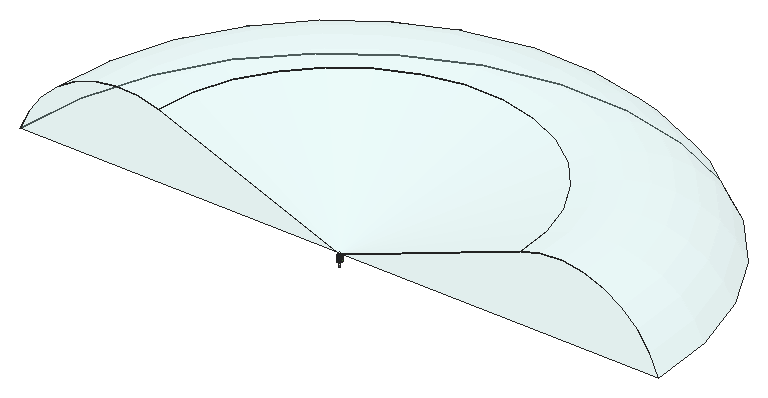
Revit family "HE-VAN Series Nozzles", category Conexões de tubo, Revit 2020
Family settings
  Cota do conector redondo = Utilizar diâmetro
  Tipo de parte = Cobertura
  Número OmniClass = 23.60.30.11.14
  Título OmniClass = Pipework Fittings
  Com base no plano de trabalho = Sim
  Sempre na vertical = Sim
  Corte com vazios quando carregada = Não
  Compartilhado = Não
Parameters (values of type "8 Series HE-VAN")
  Water Visibility (Circle) = yes
  Water = Water
  URL = "https://www.rainbird.com/"
  Type = 1 ft
  SupportProjetos: Reviw Date = "26/03/2021"  # constant formula
  SupportProjetos: Level of Detail = "LOD 300"  # constant formula
  SupportProjetos: Developed = "MICHEL SOARES MOTA"  # constant formula
  SupportProjetos: Creation Date = "16/07/2020"  # constant formula
  Reviw = "R01"  # constant formula
  RainBird: Product Link = "https://store.rainbird.com/sprinklers/nozzles.html?sprays_nozzleseries=102"
  RainBird: Description [instance] = if(Type = 1 ft, "Spray Nozzles 8 Series HE VAN", if(Type = 2 ft, "Spray Nozzles 10 Series HE VAN", if(Type = 3 ft, " Spray Nozzles 12 Series HE VAN ", if(Type = 4 ft, " Spray Nozzles  15 Series HE VAN ", "Does not exis"))))  # "Spray Nozzles 8 Series HE VAN"
  RainBird: Comment [instance] = ""
  Radius [instance] = if(and(Limit Angle = 270.00°, Pressure = 15.0 psi, Type = 2 ft), 7 ft, if(and(Limit Angle = 270.00°, Pressure = 20.0 psi, Type = 2 ft), 8 ft, if(and(Limit Angle = 270.00°, Pressure = 25.0 psi, Type = 2 ft), 9 ft, if(and(Limit Angle = 270.00°, Pressure = 30.0 psi, Type = 2 ft), 10 ft, if(and(Limit Angle = 360.00°, Pressure = 15.0 psi, Type = 2 ft), 7 ft, if(and(Limit Angle = 360.00°, Pressure = 20.0 psi, Type = 2 ft), 8 ft, if(and(Limit Angle = 360.00°, Pressure = 25.0 psi, Type = 2 ft), 9 ft, if(and(Limit Angle = 360.00°, Pressure = 30.0 psi, Type = 2 ft), 10 ft, if(and(Limit Angle = 180.00°, Pressure = 15.0 psi, Type = 2 ft), 7 ft, if(and(Limit Angle = 180.00°, Pressure = 20.0 psi, Type = 2 ft), 8 ft, if(and(Limit Angle = 180.00°, Pressure = 25.0 psi, Type = 2 ft), 9 ft, if(and(Limit Angle = 180.00°, Pressure = 30.0 psi, Type = 2 ft), 10 ft, if(and(Limit Angle = 90.00°, Pressure = 15.0 psi, Type = 2 ft), 7 ft, if(and(Limit Angle = 90.00°, Pressure = 20.0 psi, Type = 2 ft), 8 ft, if(and(Limit Angle = 90.00°, Pressure = 25.0 psi, Type = 2 ft), 9 ft, if(and(Limit Angle = 90.00°, Pressure = 30.0 psi, Type = 2 ft), 10 ft, if(and(Limit Angle = 270.00°, Pressure = 15.0 psi, Type = 1 ft), 5 ft, if(and(Limit Angle = 270.00°, Pressure = 20.0 psi, Type = 1 ft), 6 ft, if(and(Limit Angle = 270.00°, Pressure = 25.0 psi, Type = 1 ft), 7 ft, if(and(Limit Angle = 270.00°, Pressure = 30.0 psi, Type = 1 ft), 8 ft, if(and(Limit Angle = 360.00°, Pressure = 15.0 psi, Type = 1 ft), 5 ft, if(and(Limit Angle = 360.00°, Pressure = 20.0 psi, Type = 1 ft), 6 ft, if(and(Limit Angle = 360.00°, Pressure = 25.0 psi, Type = 1 ft), 7 ft, if(and(Limit Angle = 360.00°, Pressure = 30.0 psi, Type = 1 ft), 8 ft, if(and(Limit Angle = 180.00°, Pressure = 15.0 psi, Type = 1 ft), 5 ft, if(and(Limit Angle = 180.00°, Pressure = 20.0 psi, Type = 1 ft), 6 ft, if(and(Limit Angle = 180.00°, Pressure = 25.0 psi, Type = 1 ft), 7 ft, if(and(Limit Angle = 180.00°, Pressure = 30.0 psi, Type = 1 ft), 8 ft, if(and(Limit Angle = 90.00°, Pressure = 15.0 psi, Type = 1 ft), 5 ft, if(and(Limit Angle = 90.00°, Pressure = 20.0 psi, Type = 1 ft), 6 ft, if(and(Limit Angle = 90.00°, Pressure = 25.0 psi, Type = 1 ft), 7 ft, if(and(Limit Angle = 90.00°, Pressure = 30.0 psi, Type = 1 ft), 8 ft, if(and(Limit Angle = 270.00°, Pressure = 15.0 psi, Type = 3 ft), 9 ft, if(and(Limit Angle = 270.00°, Pressure = 20.0 psi, Type = 3 ft), 10 ft, if(and(Limit Angle = 270.00°, Pressure = 25.0 psi, Type = 3 ft), 11 ft, if(and(Limit Angle = 270.00°, Pressure = 30.0 psi, Type = 3 ft), 12 ft, if(and(Limit Angle = 360.00°, Pressure = 15.0 psi, Type = 3 ft), 9 ft, if(and(Limit Angle = 360.00°, Pressure = 20.0 psi, Type = 3 ft), 10 ft, if(and(Limit Angle = 360.00°, Pressure = 25.0 psi, Type = 3 ft), 11 ft, if(and(Limit Angle = 360.00°, Pressure = 30.0 psi, Type = 3 ft), 12 ft, if(and(Limit Angle = 180.00°, Pressure = 15.0 psi, Type = 3 ft), 9 ft, if(and(Limit Angle = 180.00°, Pressure = 20.0 psi, Type = 3 ft), 10 ft, if(and(Limit Angle = 180.00°, Pressure = 25.0 psi, Type = 3 ft), 11 ft, if(and(Limit Angle = 180.00°, Pressure = 30.0 psi, Type = 3 ft), 12 ft, if(and(Limit Angle = 90.00°, Pressure = 15.0 psi, Type = 3 ft), 9 ft, if(and(Limit Angle = 90.00°, Pressure = 20.0 psi, Type = 3 ft), 10 ft, if(and(Limit Angle = 90.00°, Pressure = 25.0 psi, Type = 3 ft), 11 ft, if(and(Limit Angle = 90.00°, Pressure = 30.0 psi, Type = 3 ft), 12 ft, if(and(Limit Angle = 270.00°, Pressure = 15.0 psi, Type = 4 ft), 11 ft, if(and(Limit Angle = 270.00°, Pressure = 20.0 psi, Type = 4 ft), 12 ft, if(and(Limit Angle = 270.00°, Pressure = 25.0 psi, Type = 4 ft), 14 ft, if(and(Limit Angle = 270.00°, Pressure = 30.0 psi, Type = 4 ft), 15 ft, if(and(Limit Angle = 360.00°, Pressure = 15.0 psi, Type = 4 ft), 11 ft, if(and(Limit Angle = 360.00°, Pressure = 20.0 psi, Type = 4 ft), 12 ft, if(and(Limit Angle = 360.00°, Pressure = 25.0 psi, Type = 4 ft), 14 ft, if(and(Limit Angle = 360.00°, Pressure = 30.0 psi, Type = 4 ft), 15 ft, if(and(Limit Angle = 180.00°, Pressure = 15.0 psi, Type = 4 ft), 11 ft, if(and(Limit Angle = 180.00°, Pressure = 20.0 psi, Type = 4 ft), 12 ft, if(and(Limit Angle = 180.00°, Pressure = 25.0 psi, Type = 4 ft), 14 ft, if(and(Limit Angle = 180.00°, Pressure = 30.0 psi, Type = 4 ft), 15 ft, if(and(Limit Angle = 90.00°, Pressure = 15.0 psi, Type = 4 ft), 11 ft, if(and(Limit Angle = 90.00°, Pressure = 20.0 psi, Type = 4 ft), 12 ft, if(and(Limit Angle = 90.00°, Pressure = 25.0 psi, Type = 4 ft), 14 ft, if(and(Limit Angle = 90.00°, Pressure = 30.0 psi, Type = 4 ft), 15 ft, 200 ft))))))))))))))))))))))))))))))))))))))))))))))))))))))))))))))))  # 5 ft
  R2 [instance] = 0.032808 ft
  R1 [instance] = 0.026247 ft
  Pressure [instance] = 15 psi
  Plastic 2 = Green
  Plastic 1 = Black
  PCS - 090 [instance] = no
  PCS - 060 [instance] = no
  PCS - 040 [instance] = no
  PCS - 030 [instance] = no
  PCS - 025 [instance] = no
  PCS - 020 [instance] = yes
  Modelo = "8 HE-VAN"
  Metal = PARAFUSO
  H2 = 1.312 ft  # constant formula
  H1 [instance] = 0.049213 ft
  Flow [instance] = if(and(Limit Angle = 360.00°, Pressure = 15.0 psi, Type = 1 ft), 0.83 GPM, if(and(Limit Angle = 360.00°, Pressure = 20.0 psi, Type = 1 ft), 0.96 GPM, if(and(Limit Angle = 360.00°, Pressure = 25.0 psi, Type = 1 ft), 1.07 GPM, if(and(Limit Angle = 360.00°, Pressure = 30.0 psi, Type = 1 ft), 1.17 GPM, if(and(Limit Angle = 270.00°, Pressure = 15.0 psi, Type = 1 ft), 0.62 GPM, if(and(Limit Angle = 270.00°, Pressure = 20.0 psi, Type = 1 ft), 0.72 GPM, if(and(Limit Angle = 270.00°, Pressure = 25.0 psi, Type = 1 ft), 0.8 GPM, if(and(Limit Angle = 270.00°, Pressure = 30.0 psi, Type = 1 ft), 0.88 GPM, if(and(Limit Angle = 180.00°, Pressure = 15.0 psi, Type = 1 ft), 0.41 GPM, if(and(Limit Angle = 180.00°, Pressure = 20.0 psi, Type = 1 ft), 0.48 GPM, if(and(Limit Angle = 180.00°, Pressure = 25.0 psi, Type = 1 ft), 0.53 GPM, if(and(Limit Angle = 180.00°, Pressure = 30.0 psi, Type = 1 ft), 0.59 GPM, if(and(Limit Angle = 90.00°, Pressure = 15.0 psi, Type = 1 ft), 0.21 GPM, if(and(Limit Angle = 90.00°, Pressure = 20.0 psi, Type = 1 ft), 0.24 GPM, if(and(Limit Angle = 90.00°, Pressure = 25.0 psi, Type = 1 ft), 0.27 GPM, if(and(Limit Angle = 90.00°, Pressure = 30.0 psi, Type = 1 ft), 0.29 GPM, if(and(Limit Angle = 360.00°, Pressure = 15.0 psi, Type = 2 ft), 1.26 GPM, if(and(Limit Angle = 360.00°, Pressure = 20.0 psi, Type = 2 ft), 1.46 GPM, if(and(Limit Angle = 360.00°, Pressure = 25.0 psi, Type = 2 ft), 1.63 GPM, if(and(Limit Angle = 360.00°, Pressure = 30.0 psi, Type = 2 ft), 1.78 GPM, if(and(Limit Angle = 270.00°, Pressure = 15.0 psi, Type = 2 ft), 0.95 GPM, if(and(Limit Angle = 270.00°, Pressure = 20.0 psi, Type = 2 ft), 1.09 GPM, if(and(Limit Angle = 270.00°, Pressure = 25.0 psi, Type = 2 ft), 1.22 GPM, if(and(Limit Angle = 270.00°, Pressure = 30.0 psi, Type = 2 ft), 1.34 GPM, if(and(Limit Angle = 180.00°, Pressure = 15.0 psi, Type = 2 ft), 0.63 GPM, if(and(Limit Angle = 180.00°, Pressure = 20.0 psi, Type = 2 ft), 0.73 GPM, if(and(Limit Angle = 180.00°, Pressure = 25.0 psi, Type = 2 ft), 0.81 GPM, if(and(Limit Angle = 180.00°, Pressure = 30.0 psi, Type = 2 ft), 0.89 GPM, if(and(Limit Angle = 90.00°, Pressure = 15.0 psi, Type = 2 ft), 0.32 GPM, if(and(Limit Angle = 90.00°, Pressure = 20.0 psi, Type = 2 ft), 0.36 GPM, if(and(Limit Angle = 90.00°, Pressure = 25.0 psi, Type = 2 ft), 0.41 GPM, if(and(Limit Angle = 90.00°, Pressure = 30.0 psi, Type = 2 ft), 0.45 GPM, if(and(Limit Angle = 360.00°, Pressure = 15.0 psi, Type = 3 ft), 1.67 GPM, if(and(Limit Angle = 360.00°, Pressure = 20.0 psi, Type = 3 ft), 1.93 GPM, if(and(Limit Angle = 360.00°, Pressure = 25.0 psi, Type = 3 ft), 2.16 GPM, if(and(Limit Angle = 360.00°, Pressure = 30.0 psi, Type = 3 ft), 2.37 GPM, if(and(Limit Angle = 270.00°, Pressure = 15.0 psi, Type = 3 ft), 1.25 GPM, if(and(Limit Angle = 270.00°, Pressure = 20.0 psi, Type = 3 ft), 1.45 GPM, if(and(Limit Angle = 270.00°, Pressure = 25.0 psi, Type = 3 ft), 1.62 GPM, if(and(Limit Angle = 270.00°, Pressure = 30.0 psi, Type = 3 ft), 1.77 GPM, if(and(Limit Angle = 180.00°, Pressure = 15.0 psi, Type = 3 ft), 0.84 GPM, if(and(Limit Angle = 180.00°, Pressure = 20.0 psi, Type = 3 ft), 0.97 GPM, if(and(Limit Angle = 180.00°, Pressure = 25.0 psi, Type = 3 ft), 1.08 GPM, if(and(Limit Angle = 180.00°, Pressure = 30.0 psi, Type = 3 ft), 1.18 GPM, if(and(Limit Angle = 90.00°, Pressure = 15.0 psi, Type = 3 ft), 0.42 GPM, if(and(Limit Angle = 90.00°, Pressure = 20.0 psi, Type = 3 ft), 0.48 GPM, if(and(Limit Angle = 90.00°, Pressure = 25.0 psi, Type = 3 ft), 0.54 GPM, if(and(Limit Angle = 90.00°, Pressure = 30.0 psi, Type = 3 ft), 0.59 GPM, if(and(Limit Angle = 360.00°, Pressure = 15.0 psi, Type = 3 ft), 2.62 GPM, if(and(Limit Angle = 360.00°, Pressure = 20.0 psi, Type = 3 ft), 3.02 GPM, if(and(Limit Angle = 360.00°, Pressure = 25.0 psi, Type = 3 ft), 3.38 GPM, if(and(Limit Angle = 360.00°, Pressure = 30.0 psi, Type = 3 ft), 3.7 GPM, if(and(Limit Angle = 270.00°, Pressure = 15.0 psi, Type = 4 ft), 1.96 GPM, if(and(Limit Angle = 270.00°, Pressure = 20.0 psi, Type = 4 ft), 2.27 GPM, if(and(Limit Angle = 270.00°, Pressure = 25.0 psi, Type = 4 ft), 2.53 GPM, if(and(Limit Angle = 270.00°, Pressure = 30.0 psi, Type = 4 ft), 2.78 GPM, if(and(Limit Angle = 180.00°, Pressure = 15.0 psi, Type = 4 ft), 1.31 GPM, if(and(Limit Angle = 180.00°, Pressure = 20.0 psi, Type = 4 ft), 1.51 GPM, if(and(Limit Angle = 180.00°, Pressure = 25.0 psi, Type = 4 ft), 1.69 GPM, if(and(Limit Angle = 180.00°, Pressure = 30.0 psi, Type = 4 ft), 1.85 GPM, if(and(Limit Angle = 90.00°, Pressure = 15.0 psi, Type = 4 ft), 0.65 GPM, if(and(Limit Angle = 90.00°, Pressure = 20.0 psi, Type = 4 ft), 0.76 GPM, if(and(Limit Angle = 90.00°, Pressure = 25.0 psi, Type = 4 ft), 0.84 GPM, if(and(Limit Angle = 90.00°, Pressure = 30.0 psi, Type = 4 ft), 0.93 GPM, 0.0 GPM))))))))))))))))))))))))))))))))))))))))))))))))))))))))))))))))  # 0.41 GPM
  Default Elevation = 4 ft
  Descrição = "Spray Nozzles Series HE-VAN"  # constant formula
  DT8 [instance] = if(Limit Angle < 360.00°, 0.098425 ft, 6.56168 ft)  # 0.098425 ft
  DT7 [instance] = 4 * Radius  # 20 ft
  DT4 [instance] = 5 * Radius  # 25 ft
  DT3 [instance] = 0.3397 * Radius  # 1.6985 ft
  DT2 = 0.098425 ft  # constant formula
  DT13 = 0.049769 ft
  DT12 = 0.070216 ft
  DT1 = 0.032808 ft
  DT6 = 0 ft
  DT5 [instance] = 0.6 * Radius  # 3 ft
  Blue Plastic = Transparent Plastic
  Limit Angle [instance] = if(and(Arc Angle > 0.00°, Arc Angle < 90.00°), 90.00°, if(Arc Angle = 90.00°, 90.00°, if(and(Arc Angle > 90.00°, Arc Angle < 180.00°), 180.00°, if(Arc Angle = 180.00°, 180.00°, if(and(Arc Angle > 180.00°, Arc Angle < 270.00°), 270.00°, if(Arc Angle = 270.00°, 270.00°, if(and(Arc Angle > 270.00°, Arc Angle < 360.00°), 360.00°, if(Arc Angle = 360.00°, 360.00°, 0.00°))))))))  # 180.00°
  Arc Angle [instance] = 180.00°
  Angle 2 [instance] = if(Limit Angle < 360.00°, 360.00° - Limit Angle, 180.00°)  # 180.00°
  Angle = 20.00°
Types (4, lengths in ft): name | Type | RainBird: Description | Radius | Plastic 2 | Modelo | Flow | DT7 | DT4 | DT3 | DT5 | Blue Plastic
  8 Series HE-VAN | 1 | "Spray Nozzles 8 Series HE VAN" | 5 | Green | "8 HE-VAN" | 0.41 GPM | 20 | 25 | 1.6985 | 3 | Transparent Plastic
  10 Series HE-VAN | 2 | "Spray Nozzles 10 Series HE VAN" | 7 | Brown | "10 HE-VAN" | 0.63 GPM | 28 | 35 | 2.3779 | 4.2 | Blue Plastic
  12 Series HE-VAN | 3 | " Spray Nozzles 12 Series HE VAN " | 9 | Blue Plastic | "12 HE-VAN" | 0.84 GPM | 36 | 45 | 3.0573 | 5.4 | Transparent Plastic
  15 Series HE-VAN | 4 | " Spray Nozzles  15 Series HE VAN " | 11 | Black Plastic | "15 HE-VAN" | 1.31 GPM | 44 | 55 | 3.7367 | 6.6 | Transparent Plastic
Reference planes (ft)
  plane 1 "Centro (Frente/Trás)": y = 0
  plane 2: z = 0
  plane 3 "Centro (Esquerda/Direita)": x = 0
Forms (ft)
  Revolve 1, solid, material "Water" <- "Water", visible <- "Water Visibility (Circle)"
    sketch origin (0, 0, 0) x (1, 0, 0) y (0, 0, 1)
      loop
        line (0.032808, 0.098425) -> (5.032808, 0.098425)
        arc (5.032808, 0.098425) -> (4.155878, 1.065322) -> (2.851886, 1.124486) r 1.698503
        line (2.851886, 1.124486) -> (0.032808, 0.098425)
      axis (0, 0.098425) -> (0, 1.124486)
    angle from 0 to 180 <- "Arc Angle"
Dimensions and locks (ft)
  "DT1": Revolve 1 sketch curve to plane 3 "Centro (Esquerda/Direita)"
  "DT2": Revolve 1 sketch curve to level
  "Radius": Revolve 1 sketch curve to Revolve 1 sketch curve
  "DT5": Revolve 1 sketch curve to Revolve 1 sketch curve
  "Angle": angle Revolve 1 sketch curve to Revolve 1 sketch curve
  aligned and locked: level to plane 2
Automatic sketch dimensions
  Revolve 1 sketch curve to plane 3 "Centro (Esquerda/Direita)" = 0 ft
  Revolve 1 sketch curve to Revolve 1 sketch curve = 0.052946 ft
  Revolve 1 sketch curve to Revolve 1 sketch curve = 10.2693 ft
Nested families (ft)
  nested 1: "R VAN PCS Screen" at (0, 0, 0), Material <- "Blue Plastic", PCS.020 <- "PCS - 020", PCS.025 <- "PCS - 025", PCS.030 <- "PCS - 030", PCS.040 <- "PCS - 040", PCS.060 <- "PCS - 060", PCS.090 <- "PCS - 090", type "R VAN PCS Screen"
    with RainBird: Description "PCS - 020", PCS.090 no, PCS.060 no, PCS.040 no, PCS.030 no, PCS.025 no, PCS.020 yes, Material Transparent Plastic
  nested 2: "BOCAL RE-VAN" at (0, 0, 0), Material 1 <- "Plastic 1", Material 2 <- "Plastic 2", Matreral 3 <- "Metal", type "BOCAL RE-VAN"
    with Matreral 3 PARAFUSO, Material 2 Green, Material 1 Black
Connectors (ft)
  piping at (0, 0, 0), diameter 2
    settings: on nested 1, index 1, connector inside diameter 609.6 mm, connector length 0 ft, flow factor 0, pipe flow 0.0 GPM, pressure drop 0 psi, fitting loss kfactor 0, connector angle 0.00°, fixture units 0, engagement length 0 ft, angle of deflection 0.00°, flow configuration 0, flow direction 0, fitting loss method 0, system type 28, joint type 0, gender type 0, connector reference index -1, connector utility 0, adjustable connector no, is connector primary yes, connector description ""
Definition of nested family "R VAN PCS Screen"
  Parameters (values of type "R VAN PCS Screen")
    RainBird: Description [instance] = if(PCS.020, "PCS - 020", if(PCS.025, "PCS - 025", if(PCS.030, "PCS - 030", if(PCS.040, "PCS - 040", if(PCS.060, "PCS - 060", if(PCS.090, "PCS - 090", "Does not exist"))))))  # "PCS - 020"
    PCS.090 [instance] = no
    PCS.060 [instance] = no
    PCS.040 [instance] = no
    PCS.030 [instance] = no
    PCS.020 [instance] = yes
    PCS.025 [instance] = no
    Material [instance] = none
    Default Elevation = 0 ft
  Reference planes (ft)
    plane 1 "Centro (Frente/Trás)": y = 0
    plane 2: z = 0
    plane 3 "Centro (Esquerda/Direita)": x = 0
  Forms (ft)
    Revolve 1, solid, material <- "Material"
      sketch origin (0, 0, 0) x (1, 0, 0) y (0, 0, 1)
        loop
          line (0, -0.088229) -> (0.016404, -0.088229) -> (0.016404, -0.03138) -> (0.022015, -0.015965) -> (0.022015, -0.006562) -> (0.026522, -0.006562) -> (0.026522, 0) -> (0.015453, 0) -> (0.015453, -0.014808) -> (0.009843, -0.030223) -> (0.009843, -0.081723) -> (0, -0.081723) -> (0, -0.088229)
        axis (0, -0.088229) -> (0, 0)
      angle from 0 to 360
  Dimensions and locks (ft)
    level to Revolve 1 sketch curve = 0.088229 ft
    aligned and locked: level to plane 2
Definition of nested family "BOCAL RE-VAN"
  Parameters (values of type "BOCAL RE-VAN")
    Matreral 3 [instance] = none
    Material 2 [instance] = none
    Material 1 [instance] = none
    Default Elevation = 0 ft
  Reference planes (ft)
    plane 1 "Centro (Frente/Trás)": y = 0
    plane 2: z = 0
    plane 3 "Centro (Esquerda/Direita)": x = 0
  Forms (ft)
    Extrusion 1, solid, material <- "Material 2"
      sketch origin (0, 0, 0) x (1, 0, 0) y (0, 1, 0)
        loop
          line (-0.026295, -0.028321) -> (-0.028239, -0.030638)
          arc (-0.028239, -0.030638) -> (-0.026783, -0.031919) -> (-0.025268, -0.03313) r 0.041667
          line (-0.025268, -0.03313) -> (-0.023324, -0.030813)
          arc (-0.023324, -0.030813) -> (-0.024841, -0.029604) -> (-0.026295, -0.028321) r 0.038645
        loop
          arc (-0.041622, 0.001939) -> (-0.041667, 0) -> (-0.041622, -0.001939) r 0.041667
          line (-0.041622, -0.001939) -> (-0.038597, -0.001939)
          arc (-0.038597, -0.001939) -> (-0.038645, 0) -> (-0.038597, 0.001939) r 0.038645
          line (-0.038597, 0.001939) -> (-0.041622, 0.001939)
        loop
          arc (0.038597, 0.001939) -> (0.038645, 0) -> (0.038597, -0.001939) r 0.038645
          line (0.038597, -0.001939) -> (0.041622, -0.001939)
          arc (0.041622, -0.001939) -> (0.041667, 0) -> (0.041622, 0.001939) r 0.041667
          line (0.041622, 0.001939) -> (0.038597, 0.001939)
        loop
          line (-0.038347, -0.004793) -> (-0.041326, -0.005318)
          arc (-0.041326, -0.005318) -> (-0.041034, -0.007235) -> (-0.040653, -0.009137) r 0.041667
          line (-0.040653, -0.009137) -> (-0.037674, -0.008612)
          arc (-0.037674, -0.008612) -> (-0.038058, -0.006711) -> (-0.038347, -0.004793) r 0.038645
        loop
          arc (0.037674, 0.008612) -> (0.038058, 0.006711) -> (0.038347, 0.004793) r 0.038645
          line (0.038347, 0.004793) -> (0.041326, 0.005318)
          arc (0.041326, 0.005318) -> (0.041034, 0.007235) -> (0.040653, 0.009137) r 0.041667
          line (0.040653, 0.009137) -> (0.037674, 0.008612)
        loop
          line (-0.036932, -0.011379) -> (-0.039775, -0.012413)
          arc (-0.039775, -0.012413) -> (-0.039154, -0.014251) -> (-0.038448, -0.016057) r 0.041667
          line (-0.038448, -0.016057) -> (-0.035606, -0.015023)
          arc (-0.035606, -0.015023) -> (-0.036315, -0.013218) -> (-0.036932, -0.011379) r 0.038645
        loop
          arc (0.035606, 0.015023) -> (0.036315, 0.013218) -> (0.036932, 0.011379) r 0.038645
          line (0.036932, 0.011379) -> (0.039775, 0.012413)
          arc (0.039775, 0.012413) -> (0.039154, 0.014251) -> (0.038448, 0.016057) r 0.041667
          line (0.038448, 0.016057) -> (0.035606, 0.015023)
        loop
          line (-0.034395, -0.017619) -> (-0.037015, -0.019132)
          arc (-0.037015, -0.019132) -> (-0.036084, -0.020833) -> (-0.035076, -0.02249) r 0.041667
          line (-0.035076, -0.02249) -> (-0.032456, -0.020978)
          arc (-0.032456, -0.020978) -> (-0.033468, -0.019323) -> (-0.034395, -0.017619) r 0.038645
        loop
          arc (0.032456, 0.020978) -> (0.033468, 0.019323) -> (0.034395, 0.017619) r 0.038645
          line (0.034395, 0.017619) -> (0.037015, 0.019132)
          arc (0.037015, 0.019132) -> (0.036084, 0.020833) -> (0.035076, 0.02249) r 0.041667
          line (0.035076, 0.02249) -> (0.032456, 0.020978)
        loop
          line (-0.030813, -0.023324) -> (-0.03313, -0.025268)
          arc (-0.03313, -0.025268) -> (-0.031919, -0.026783) -> (-0.030638, -0.028239) r 0.041667
          line (-0.030638, -0.028239) -> (-0.028321, -0.026295)
          arc (-0.028321, -0.026295) -> (-0.029604, -0.024841) -> (-0.030813, -0.023324) r 0.038645
        loop
          arc (0.028321, 0.026295) -> (0.029604, 0.024841) -> (0.030813, 0.023324) r 0.038645
          line (0.030813, 0.023324) -> (0.03313, 0.025268)
          arc (0.03313, 0.025268) -> (0.031919, 0.026783) -> (0.030638, 0.028239) r 0.041667
          line (0.030638, 0.028239) -> (0.028321, 0.026295)
        loop
          arc (0.023324, 0.030813) -> (0.024841, 0.029604) -> (0.026295, 0.028321) r 0.038645
          line (0.026295, 0.028321) -> (0.028239, 0.030638)
          arc (0.028239, 0.030638) -> (0.026783, 0.031919) -> (0.025268, 0.03313) r 0.041667
          line (0.025268, 0.03313) -> (0.023324, 0.030813)
        loop
          line (-0.020978, -0.032456) -> (-0.02249, -0.035076)
          arc (-0.02249, -0.035076) -> (-0.020833, -0.036084) -> (-0.019132, -0.037015) r 0.041667
          line (-0.019132, -0.037015) -> (-0.017619, -0.034395)
          arc (-0.017619, -0.034395) -> (-0.019323, -0.033468) -> (-0.020978, -0.032456) r 0.038645
        loop
          arc (0.017619, 0.034395) -> (0.019323, 0.033468) -> (0.020978, 0.032456) r 0.038645
          line (0.020978, 0.032456) -> (0.02249, 0.035076)
          arc (0.02249, 0.035076) -> (0.020833, 0.036084) -> (0.019132, 0.037015) r 0.041667
          line (0.019132, 0.037015) -> (0.017619, 0.034395)
        loop
          line (-0.015023, -0.035606) -> (-0.016057, -0.038448)
          arc (-0.016057, -0.038448) -> (-0.014251, -0.039154) -> (-0.012413, -0.039775) r 0.041667
          line (-0.012413, -0.039775) -> (-0.011379, -0.036932)
          arc (-0.011379, -0.036932) -> (-0.013218, -0.036315) -> (-0.015023, -0.035606) r 0.038645
        loop
          arc (0.011379, 0.036932) -> (0.013218, 0.036315) -> (0.015023, 0.035606) r 0.038645
          line (0.015023, 0.035606) -> (0.016057, 0.038448)
          arc (0.016057, 0.038448) -> (0.014251, 0.039154) -> (0.012413, 0.039775) r 0.041667
          line (0.012413, 0.039775) -> (0.011379, 0.036932)
        loop
          line (-0.008612, -0.037674) -> (-0.009137, -0.040653)
          arc (-0.009137, -0.040653) -> (-0.007235, -0.041034) -> (-0.005318, -0.041326) r 0.041667
          line (-0.005318, -0.041326) -> (-0.004793, -0.038347)
          arc (-0.004793, -0.038347) -> (-0.006711, -0.038058) -> (-0.008612, -0.037674) r 0.038645
        loop
          arc (0.004793, 0.038347) -> (0.006711, 0.038058) -> (0.008612, 0.037674) r 0.038645
          line (0.008612, 0.037674) -> (0.009137, 0.040653)
          arc (0.009137, 0.040653) -> (0.007235, 0.041034) -> (0.005318, 0.041326) r 0.041667
          line (0.005318, 0.041326) -> (0.004793, 0.038347)
        loop
          line (-0.001939, -0.038597) -> (-0.001939, -0.041622)
          arc (-0.001939, -0.041622) -> (0, -0.041667) -> (0.001939, -0.041622) r 0.041667
          line (0.001939, -0.041622) -> (0.001939, -0.038597)
          arc (0.001939, -0.038597) -> (0, -0.038645) -> (-0.001939, -0.038597) r 0.038645
        loop
          arc (-0.001939, 0.038597) -> (0, 0.038645) -> (0.001939, 0.038597) r 0.038645
          line (0.001939, 0.038597) -> (0.001939, 0.041622)
          arc (0.001939, 0.041622) -> (0, 0.041667) -> (-0.001939, 0.041622) r 0.041667
          line (-0.001939, 0.041622) -> (-0.001939, 0.038597)
        loop
          line (0.004793, -0.038347) -> (0.005318, -0.041326)
          arc (0.005318, -0.041326) -> (0.007235, -0.041034) -> (0.009137, -0.040653) r 0.041667
          line (0.009137, -0.040653) -> (0.008612, -0.037674)
          arc (0.008612, -0.037674) -> (0.006711, -0.038058) -> (0.004793, -0.038347) r 0.038645
        loop
          arc (-0.008612, 0.037674) -> (-0.006711, 0.038058) -> (-0.004793, 0.038347) r 0.038645
          line (-0.004793, 0.038347) -> (-0.005318, 0.041326)
          arc (-0.005318, 0.041326) -> (-0.007235, 0.041034) -> (-0.009137, 0.040653) r 0.041667
          line (-0.009137, 0.040653) -> (-0.008612, 0.037674)
        loop
          line (0.011379, -0.036932) -> (0.012413, -0.039775)
          arc (0.012413, -0.039775) -> (0.014251, -0.039154) -> (0.016057, -0.038448) r 0.041667
          line (0.016057, -0.038448) -> (0.015023, -0.035606)
          arc (0.015023, -0.035606) -> (0.013218, -0.036315) -> (0.011379, -0.036932) r 0.038645
        loop
          arc (-0.015023, 0.035606) -> (-0.013218, 0.036315) -> (-0.011379, 0.036932) r 0.038645
          line (-0.011379, 0.036932) -> (-0.012413, 0.039775)
          arc (-0.012413, 0.039775) -> (-0.014251, 0.039154) -> (-0.016057, 0.038448) r 0.041667
          line (-0.016057, 0.038448) -> (-0.015023, 0.035606)
        loop
          line (0.017619, -0.034395) -> (0.019132, -0.037015)
          arc (0.019132, -0.037015) -> (0.020833, -0.036084) -> (0.02249, -0.035076) r 0.041667
          line (0.02249, -0.035076) -> (0.020978, -0.032456)
          arc (0.020978, -0.032456) -> (0.019323, -0.033468) -> (0.017619, -0.034395) r 0.038645
        loop
          arc (-0.020978, 0.032456) -> (-0.019323, 0.033468) -> (-0.017619, 0.034395) r 0.038645
          line (-0.017619, 0.034395) -> (-0.019132, 0.037015)
          arc (-0.019132, 0.037015) -> (-0.020833, 0.036084) -> (-0.02249, 0.035076) r 0.041667
          line (-0.02249, 0.035076) -> (-0.020978, 0.032456)
        loop
          line (0.023324, -0.030813) -> (0.025268, -0.03313)
          arc (0.025268, -0.03313) -> (0.026783, -0.031919) -> (0.028239, -0.030638) r 0.041667
          line (0.028239, -0.030638) -> (0.026295, -0.028321)
          arc (0.026295, -0.028321) -> (0.024841, -0.029604) -> (0.023324, -0.030813) r 0.038645
        loop
          arc (-0.026295, 0.028321) -> (-0.024841, 0.029604) -> (-0.023324, 0.030813) r 0.038645
          line (-0.023324, 0.030813) -> (-0.025268, 0.03313)
          arc (-0.025268, 0.03313) -> (-0.026783, 0.031919) -> (-0.028239, 0.030638) r 0.041667
          line (-0.028239, 0.030638) -> (-0.026295, 0.028321)
        loop
          line (0.028321, -0.026295) -> (0.030638, -0.028239)
          arc (0.030638, -0.028239) -> (0.031919, -0.026783) -> (0.03313, -0.025268) r 0.041667
          line (0.03313, -0.025268) -> (0.030813, -0.023324)
          arc (0.030813, -0.023324) -> (0.029604, -0.024841) -> (0.028321, -0.026295) r 0.038645
        loop
          arc (-0.030813, 0.023324) -> (-0.029604, 0.024841) -> (-0.028321, 0.026295) r 0.038645
          line (-0.028321, 0.026295) -> (-0.030638, 0.028239)
          arc (-0.030638, 0.028239) -> (-0.031919, 0.026783) -> (-0.03313, 0.025268) r 0.041667
          line (-0.03313, 0.025268) -> (-0.030813, 0.023324)
        loop
          line (0.032456, -0.020978) -> (0.035076, -0.02249)
          arc (0.035076, -0.02249) -> (0.036084, -0.020833) -> (0.037015, -0.019132) r 0.041667
          line (0.037015, -0.019132) -> (0.034395, -0.017619)
          arc (0.034395, -0.017619) -> (0.033468, -0.019323) -> (0.032456, -0.020978) r 0.038645
        loop
          arc (-0.034395, 0.017619) -> (-0.033468, 0.019323) -> (-0.032456, 0.020978) r 0.038645
          line (-0.032456, 0.020978) -> (-0.035076, 0.02249)
          arc (-0.035076, 0.02249) -> (-0.036084, 0.020833) -> (-0.037015, 0.019132) r 0.041667
          line (-0.037015, 0.019132) -> (-0.034395, 0.017619)
        loop
          line (0.035863, -0.014399) -> (0.038723, -0.015384)
          arc (0.038723, -0.015384) -> (0.039397, -0.013565) -> (0.039985, -0.011717) r 0.041667
          line (0.039985, -0.011717) -> (0.037125, -0.010733)
          arc (0.037125, -0.010733) -> (0.03654, -0.012582) -> (0.035863, -0.014399) r 0.038645
        loop
          arc (-0.037125, 0.010733) -> (-0.03654, 0.012582) -> (-0.035863, 0.014399) r 0.038645
          line (-0.035863, 0.014399) -> (-0.038723, 0.015384)
          arc (-0.038723, 0.015384) -> (-0.039397, 0.013565) -> (-0.039985, 0.011717) r 0.041667
          line (-0.039985, 0.011717) -> (-0.037125, 0.010733)
        loop
          line (0.037818, -0.007953) -> (0.040806, -0.008426)
          arc (0.040806, -0.008426) -> (0.041154, -0.006518) -> (0.041412, -0.004596) r 0.041667
          line (0.041412, -0.004596) -> (0.038425, -0.004123)
          arc (0.038425, -0.004123) -> (0.03817, -0.006045) -> (0.037818, -0.007953) r 0.038645
        loop
          arc (-0.038425, 0.004123) -> (-0.03817, 0.006045) -> (-0.037818, 0.007953) r 0.038645
          line (-0.037818, 0.007953) -> (-0.040806, 0.008426)
          arc (-0.040806, 0.008426) -> (-0.041154, 0.006518) -> (-0.041412, 0.004596) r 0.041667
          line (-0.041412, 0.004596) -> (-0.038425, 0.004123)
      from 0.057277 to 0.069223
    Extrusion 2, solid, material <- "Material 2"
      sketch origin (0, 0, -0.054651) x (1, 0, 0) y (0, 1, 0)
        loop
          line (-0.026295, -0.028321) -> (-0.028239, -0.030638)
          arc (-0.028239, -0.030638) -> (-0.026783, -0.031919) -> (-0.025268, -0.03313) r 0.041667
          line (-0.025268, -0.03313) -> (-0.023324, -0.030813)
          arc (-0.023324, -0.030813) -> (-0.024841, -0.029604) -> (-0.026295, -0.028321) r 0.038645
        loop
          arc (-0.041622, 0.001939) -> (-0.041667, 0) -> (-0.041622, -0.001939) r 0.041667
          line (-0.041622, -0.001939) -> (-0.038597, -0.001939)
          arc (-0.038597, -0.001939) -> (-0.038645, 0) -> (-0.038597, 0.001939) r 0.038645
          line (-0.038597, 0.001939) -> (-0.041622, 0.001939)
        loop
          arc (0.038597, 0.001939) -> (0.038645, 0) -> (0.038597, -0.001939) r 0.038645
          line (0.038597, -0.001939) -> (0.041622, -0.001939)
          arc (0.041622, -0.001939) -> (0.041667, 0) -> (0.041622, 0.001939) r 0.041667
          line (0.041622, 0.001939) -> (0.038597, 0.001939)
        loop
          line (-0.038347, -0.004793) -> (-0.041326, -0.005318)
          arc (-0.041326, -0.005318) -> (-0.041034, -0.007235) -> (-0.040653, -0.009137) r 0.041667
          line (-0.040653, -0.009137) -> (-0.037674, -0.008612)
          arc (-0.037674, -0.008612) -> (-0.038058, -0.006711) -> (-0.038347, -0.004793) r 0.038645
        loop
          arc (0.037674, 0.008612) -> (0.038058, 0.006711) -> (0.038347, 0.004793) r 0.038645
          line (0.038347, 0.004793) -> (0.041326, 0.005318)
          arc (0.041326, 0.005318) -> (0.041034, 0.007235) -> (0.040653, 0.009137) r 0.041667
          line (0.040653, 0.009137) -> (0.037674, 0.008612)
        loop
          line (-0.036932, -0.011379) -> (-0.039775, -0.012413)
          arc (-0.039775, -0.012413) -> (-0.039154, -0.014251) -> (-0.038448, -0.016057) r 0.041667
          line (-0.038448, -0.016057) -> (-0.035606, -0.015023)
          arc (-0.035606, -0.015023) -> (-0.036315, -0.013218) -> (-0.036932, -0.011379) r 0.038645
        loop
          arc (0.035606, 0.015023) -> (0.036315, 0.013218) -> (0.036932, 0.011379) r 0.038645
          line (0.036932, 0.011379) -> (0.039775, 0.012413)
          arc (0.039775, 0.012413) -> (0.039154, 0.014251) -> (0.038448, 0.016057) r 0.041667
          line (0.038448, 0.016057) -> (0.035606, 0.015023)
        loop
          line (-0.034395, -0.017619) -> (-0.037015, -0.019132)
          arc (-0.037015, -0.019132) -> (-0.036084, -0.020833) -> (-0.035076, -0.02249) r 0.041667
          line (-0.035076, -0.02249) -> (-0.032456, -0.020978)
          arc (-0.032456, -0.020978) -> (-0.033468, -0.019323) -> (-0.034395, -0.017619) r 0.038645
        loop
          arc (0.032456, 0.020978) -> (0.033468, 0.019323) -> (0.034395, 0.017619) r 0.038645
          line (0.034395, 0.017619) -> (0.037015, 0.019132)
          arc (0.037015, 0.019132) -> (0.036084, 0.020833) -> (0.035076, 0.02249) r 0.041667
          line (0.035076, 0.02249) -> (0.032456, 0.020978)
        loop
          line (-0.030813, -0.023324) -> (-0.03313, -0.025268)
          arc (-0.03313, -0.025268) -> (-0.031919, -0.026783) -> (-0.030638, -0.028239) r 0.041667
          line (-0.030638, -0.028239) -> (-0.028321, -0.026295)
          arc (-0.028321, -0.026295) -> (-0.029604, -0.024841) -> (-0.030813, -0.023324) r 0.038645
        loop
          arc (0.028321, 0.026295) -> (0.029604, 0.024841) -> (0.030813, 0.023324) r 0.038645
          line (0.030813, 0.023324) -> (0.03313, 0.025268)
          arc (0.03313, 0.025268) -> (0.031919, 0.026783) -> (0.030638, 0.028239) r 0.041667
          line (0.030638, 0.028239) -> (0.028321, 0.026295)
        loop
          arc (0.023324, 0.030813) -> (0.024841, 0.029604) -> (0.026295, 0.028321) r 0.038645
          line (0.026295, 0.028321) -> (0.028239, 0.030638)
          arc (0.028239, 0.030638) -> (0.026783, 0.031919) -> (0.025268, 0.03313) r 0.041667
          line (0.025268, 0.03313) -> (0.023324, 0.030813)
        loop
          line (-0.020978, -0.032456) -> (-0.02249, -0.035076)
          arc (-0.02249, -0.035076) -> (-0.020833, -0.036084) -> (-0.019132, -0.037015) r 0.041667
          line (-0.019132, -0.037015) -> (-0.017619, -0.034395)
          arc (-0.017619, -0.034395) -> (-0.019323, -0.033468) -> (-0.020978, -0.032456) r 0.038645
        loop
          arc (0.017619, 0.034395) -> (0.019323, 0.033468) -> (0.020978, 0.032456) r 0.038645
          line (0.020978, 0.032456) -> (0.02249, 0.035076)
          arc (0.02249, 0.035076) -> (0.020833, 0.036084) -> (0.019132, 0.037015) r 0.041667
          line (0.019132, 0.037015) -> (0.017619, 0.034395)
        loop
          line (-0.015023, -0.035606) -> (-0.016057, -0.038448)
          arc (-0.016057, -0.038448) -> (-0.014251, -0.039154) -> (-0.012413, -0.039775) r 0.041667
          line (-0.012413, -0.039775) -> (-0.011379, -0.036932)
          arc (-0.011379, -0.036932) -> (-0.013218, -0.036315) -> (-0.015023, -0.035606) r 0.038645
        loop
          arc (0.011379, 0.036932) -> (0.013218, 0.036315) -> (0.015023, 0.035606) r 0.038645
          line (0.015023, 0.035606) -> (0.016057, 0.038448)
          arc (0.016057, 0.038448) -> (0.014251, 0.039154) -> (0.012413, 0.039775) r 0.041667
          line (0.012413, 0.039775) -> (0.011379, 0.036932)
        loop
          line (-0.008612, -0.037674) -> (-0.009137, -0.040653)
          arc (-0.009137, -0.040653) -> (-0.007235, -0.041034) -> (-0.005318, -0.041326) r 0.041667
          line (-0.005318, -0.041326) -> (-0.004793, -0.038347)
          arc (-0.004793, -0.038347) -> (-0.006711, -0.038058) -> (-0.008612, -0.037674) r 0.038645
        loop
          arc (0.004793, 0.038347) -> (0.006711, 0.038058) -> (0.008612, 0.037674) r 0.038645
          line (0.008612, 0.037674) -> (0.009137, 0.040653)
          arc (0.009137, 0.040653) -> (0.007235, 0.041034) -> (0.005318, 0.041326) r 0.041667
          line (0.005318, 0.041326) -> (0.004793, 0.038347)
        loop
          line (-0.001939, -0.038597) -> (-0.001939, -0.041622)
          arc (-0.001939, -0.041622) -> (0, -0.041667) -> (0.001939, -0.041622) r 0.041667
          line (0.001939, -0.041622) -> (0.001939, -0.038597)
          arc (0.001939, -0.038597) -> (0, -0.038645) -> (-0.001939, -0.038597) r 0.038645
        loop
          arc (-0.001939, 0.038597) -> (0, 0.038645) -> (0.001939, 0.038597) r 0.038645
          line (0.001939, 0.038597) -> (0.001939, 0.041622)
          arc (0.001939, 0.041622) -> (0, 0.041667) -> (-0.001939, 0.041622) r 0.041667
          line (-0.001939, 0.041622) -> (-0.001939, 0.038597)
        loop
          line (0.004793, -0.038347) -> (0.005318, -0.041326)
          arc (0.005318, -0.041326) -> (0.007235, -0.041034) -> (0.009137, -0.040653) r 0.041667
          line (0.009137, -0.040653) -> (0.008612, -0.037674)
          arc (0.008612, -0.037674) -> (0.006711, -0.038058) -> (0.004793, -0.038347) r 0.038645
        loop
          arc (-0.008612, 0.037674) -> (-0.006711, 0.038058) -> (-0.004793, 0.038347) r 0.038645
          line (-0.004793, 0.038347) -> (-0.005318, 0.041326)
          arc (-0.005318, 0.041326) -> (-0.007235, 0.041034) -> (-0.009137, 0.040653) r 0.041667
          line (-0.009137, 0.040653) -> (-0.008612, 0.037674)
        loop
          line (0.011379, -0.036932) -> (0.012413, -0.039775)
          arc (0.012413, -0.039775) -> (0.014251, -0.039154) -> (0.016057, -0.038448) r 0.041667
          line (0.016057, -0.038448) -> (0.015023, -0.035606)
          arc (0.015023, -0.035606) -> (0.013218, -0.036315) -> (0.011379, -0.036932) r 0.038645
        loop
          arc (-0.015023, 0.035606) -> (-0.013218, 0.036315) -> (-0.011379, 0.036932) r 0.038645
          line (-0.011379, 0.036932) -> (-0.012413, 0.039775)
          arc (-0.012413, 0.039775) -> (-0.014251, 0.039154) -> (-0.016057, 0.038448) r 0.041667
          line (-0.016057, 0.038448) -> (-0.015023, 0.035606)
        loop
          line (0.017619, -0.034395) -> (0.019132, -0.037015)
          arc (0.019132, -0.037015) -> (0.020833, -0.036084) -> (0.02249, -0.035076) r 0.041667
          line (0.02249, -0.035076) -> (0.020978, -0.032456)
          arc (0.020978, -0.032456) -> (0.019323, -0.033468) -> (0.017619, -0.034395) r 0.038645
        loop
          arc (-0.020978, 0.032456) -> (-0.019323, 0.033468) -> (-0.017619, 0.034395) r 0.038645
          line (-0.017619, 0.034395) -> (-0.019132, 0.037015)
          arc (-0.019132, 0.037015) -> (-0.020833, 0.036084) -> (-0.02249, 0.035076) r 0.041667
          line (-0.02249, 0.035076) -> (-0.020978, 0.032456)
        loop
          line (0.023324, -0.030813) -> (0.025268, -0.03313)
          arc (0.025268, -0.03313) -> (0.026783, -0.031919) -> (0.028239, -0.030638) r 0.041667
          line (0.028239, -0.030638) -> (0.026295, -0.028321)
          arc (0.026295, -0.028321) -> (0.024841, -0.029604) -> (0.023324, -0.030813) r 0.038645
        loop
          arc (-0.026295, 0.028321) -> (-0.024841, 0.029604) -> (-0.023324, 0.030813) r 0.038645
          line (-0.023324, 0.030813) -> (-0.025268, 0.03313)
          arc (-0.025268, 0.03313) -> (-0.026783, 0.031919) -> (-0.028239, 0.030638) r 0.041667
          line (-0.028239, 0.030638) -> (-0.026295, 0.028321)
        loop
          line (0.028321, -0.026295) -> (0.030638, -0.028239)
          arc (0.030638, -0.028239) -> (0.031919, -0.026783) -> (0.03313, -0.025268) r 0.041667
          line (0.03313, -0.025268) -> (0.030813, -0.023324)
          arc (0.030813, -0.023324) -> (0.029604, -0.024841) -> (0.028321, -0.026295) r 0.038645
        loop
          arc (-0.030813, 0.023324) -> (-0.029604, 0.024841) -> (-0.028321, 0.026295) r 0.038645
          line (-0.028321, 0.026295) -> (-0.030638, 0.028239)
          arc (-0.030638, 0.028239) -> (-0.031919, 0.026783) -> (-0.03313, 0.025268) r 0.041667
          line (-0.03313, 0.025268) -> (-0.030813, 0.023324)
        loop
          line (0.032456, -0.020978) -> (0.035076, -0.02249)
          arc (0.035076, -0.02249) -> (0.036084, -0.020833) -> (0.037015, -0.019132) r 0.041667
          line (0.037015, -0.019132) -> (0.034395, -0.017619)
          arc (0.034395, -0.017619) -> (0.033468, -0.019323) -> (0.032456, -0.020978) r 0.038645
        loop
          arc (-0.034395, 0.017619) -> (-0.033468, 0.019323) -> (-0.032456, 0.020978) r 0.038645
          line (-0.032456, 0.020978) -> (-0.035076, 0.02249)
          arc (-0.035076, 0.02249) -> (-0.036084, 0.020833) -> (-0.037015, 0.019132) r 0.041667
          line (-0.037015, 0.019132) -> (-0.034395, 0.017619)
        loop
          line (0.035863, -0.014399) -> (0.038723, -0.015384)
          arc (0.038723, -0.015384) -> (0.039397, -0.013565) -> (0.039985, -0.011717) r 0.041667
          line (0.039985, -0.011717) -> (0.037125, -0.010733)
          arc (0.037125, -0.010733) -> (0.03654, -0.012582) -> (0.035863, -0.014399) r 0.038645
        loop
          arc (-0.037125, 0.010733) -> (-0.03654, 0.012582) -> (-0.035863, 0.014399) r 0.038645
          line (-0.035863, 0.014399) -> (-0.038723, 0.015384)
          arc (-0.038723, 0.015384) -> (-0.039397, 0.013565) -> (-0.039985, 0.011717) r 0.041667
          line (-0.039985, 0.011717) -> (-0.037125, 0.010733)
        loop
          line (0.037818, -0.007953) -> (0.040806, -0.008426)
          arc (0.040806, -0.008426) -> (0.041154, -0.006518) -> (0.041412, -0.004596) r 0.041667
          line (0.041412, -0.004596) -> (0.038425, -0.004123)
          arc (0.038425, -0.004123) -> (0.03817, -0.006045) -> (0.037818, -0.007953) r 0.038645
        loop
          arc (-0.038425, 0.004123) -> (-0.03817, 0.006045) -> (-0.037818, 0.007953) r 0.038645
          line (-0.037818, 0.007953) -> (-0.040806, 0.008426)
          arc (-0.040806, 0.008426) -> (-0.041154, 0.006518) -> (-0.041412, 0.004596) r 0.041667
          line (-0.041412, 0.004596) -> (-0.038425, 0.004123)
      from 0.054651 to 0.071055
    Extrusion 3, solid, material <- "Material 2"
      sketch origin (0, 0, 0) x (1, 0, 0) y (0, 1, 0)
        loop
          line (-0.03118, -0.001271) -> (-0.008961, -0.001271)
          arc (-0.008961, -0.001271) -> (-0.009051, 0.000025) -> (-0.008954, 0.00132) r 0.009051
          line (-0.008954, 0.00132) -> (-0.031114, 0.00132)
          arc (-0.031114, 0.00132) -> (-0.031171, 0.000025) -> (-0.03118, -0.001271) r 0.035662
        loop
          arc (0.030801, -0.001271) -> (0.030856, 0.000024) -> (0.030865, 0.00132) r 0.035662
          line (0.030865, 0.00132) -> (0.008954, 0.00132)
          arc (0.008954, 0.00132) -> (0.009051, 0.000025) -> (0.008961, -0.001271) r 0.009051
          line (0.008961, -0.001271) -> (0.030801, -0.001271)
      from 0.038472 to 0.069223
    Extrusion 4, solid, material <- "Matreral 3"
      sketch origin (0, 0, 0) x (1, 0, 0) y (0, 1, 0)
        loop
          circle (0, 0) r 0.005499
      from 0.045527 to 0.069223
    Extrusion 5, solid, material <- "Matreral 3"
      sketch origin (0, 0, 0) x (1, 0, 0) y (0, 1, 0)
        loop
          arc (-0.000633, 0.005462) -> (-0.005499, 0) -> (-0.000633, -0.005462) r 0.005499
          line (-0.000633, -0.005462) -> (-0.000633, 0.005462)
        loop
          line (0.000633, 0.005462) -> (0.000633, -0.005462)
          arc (0.000633, -0.005462) -> (0.005499, 0) -> (0.000633, 0.005462) r 0.005499
      from 0.06414 to 0.070693
    Revolve 6, solid, material <- "Material 2"
      sketch origin (0, 0, 0) x (1, 0, 0) y (0, 0, 1)
        loop
          line (0.005759, 0.069223) -> (0.005759, 0.023442) -> (0.02249, 0.023442) -> (0.02249, 0) -> (0.038894, 0) -> (0.038894, 0.069223) -> (0.030813, 0.069223)
          arc (0.030813, 0.069223) -> (0.021113, 0.060051) -> (0.008961, 0.054522) r 0.040593
          line (0.008961, 0.054522) -> (0.008961, 0.069223) -> (0.005759, 0.069223)
        axis (0, 0) -> (0, 0.069223)
      angle from 0 to 360
    Extrusion 7, solid, material <- "Material 1"
      sketch origin (0, 0, 0) x (1, 0, 0) y (0, 1, 0)
        loop
          line (-0.026295, -0.028321) -> (-0.028239, -0.030638)
          arc (-0.028239, -0.030638) -> (-0.026783, -0.031919) -> (-0.025268, -0.03313) r 0.041667
          line (-0.025268, -0.03313) -> (-0.023324, -0.030813)
          arc (-0.023324, -0.030813) -> (-0.024841, -0.029604) -> (-0.026295, -0.028321) r 0.038645
        loop
          arc (-0.041622, 0.001939) -> (-0.041667, 0) -> (-0.041622, -0.001939) r 0.041667
          line (-0.041622, -0.001939) -> (-0.038597, -0.001939)
          arc (-0.038597, -0.001939) -> (-0.038645, 0) -> (-0.038597, 0.001939) r 0.038645
          line (-0.038597, 0.001939) -> (-0.041622, 0.001939)
        loop
          arc (0.038597, 0.001939) -> (0.038645, 0) -> (0.038597, -0.001939) r 0.038645
          line (0.038597, -0.001939) -> (0.041622, -0.001939)
          arc (0.041622, -0.001939) -> (0.041667, 0) -> (0.041622, 0.001939) r 0.041667
          line (0.041622, 0.001939) -> (0.038597, 0.001939)
        loop
          line (-0.038347, -0.004793) -> (-0.041326, -0.005318)
          arc (-0.041326, -0.005318) -> (-0.041034, -0.007235) -> (-0.040653, -0.009137) r 0.041667
          line (-0.040653, -0.009137) -> (-0.037674, -0.008612)
          arc (-0.037674, -0.008612) -> (-0.038058, -0.006711) -> (-0.038347, -0.004793) r 0.038645
        loop
          arc (0.037674, 0.008612) -> (0.038058, 0.006711) -> (0.038347, 0.004793) r 0.038645
          line (0.038347, 0.004793) -> (0.041326, 0.005318)
          arc (0.041326, 0.005318) -> (0.041034, 0.007235) -> (0.040653, 0.009137) r 0.041667
          line (0.040653, 0.009137) -> (0.037674, 0.008612)
        loop
          line (-0.036932, -0.011379) -> (-0.039775, -0.012413)
          arc (-0.039775, -0.012413) -> (-0.039154, -0.014251) -> (-0.038448, -0.016057) r 0.041667
          line (-0.038448, -0.016057) -> (-0.035606, -0.015023)
          arc (-0.035606, -0.015023) -> (-0.036315, -0.013218) -> (-0.036932, -0.011379) r 0.038645
        loop
          arc (0.035606, 0.015023) -> (0.036315, 0.013218) -> (0.036932, 0.011379) r 0.038645
          line (0.036932, 0.011379) -> (0.039775, 0.012413)
          arc (0.039775, 0.012413) -> (0.039154, 0.014251) -> (0.038448, 0.016057) r 0.041667
          line (0.038448, 0.016057) -> (0.035606, 0.015023)
        loop
          line (-0.034395, -0.017619) -> (-0.037015, -0.019132)
          arc (-0.037015, -0.019132) -> (-0.036084, -0.020833) -> (-0.035076, -0.02249) r 0.041667
          line (-0.035076, -0.02249) -> (-0.032456, -0.020978)
          arc (-0.032456, -0.020978) -> (-0.033468, -0.019323) -> (-0.034395, -0.017619) r 0.038645
        loop
          arc (0.032456, 0.020978) -> (0.033468, 0.019323) -> (0.034395, 0.017619) r 0.038645
          line (0.034395, 0.017619) -> (0.037015, 0.019132)
          arc (0.037015, 0.019132) -> (0.036084, 0.020833) -> (0.035076, 0.02249) r 0.041667
          line (0.035076, 0.02249) -> (0.032456, 0.020978)
        loop
          line (-0.030813, -0.023324) -> (-0.03313, -0.025268)
          arc (-0.03313, -0.025268) -> (-0.031919, -0.026783) -> (-0.030638, -0.028239) r 0.041667
          line (-0.030638, -0.028239) -> (-0.028321, -0.026295)
          arc (-0.028321, -0.026295) -> (-0.029604, -0.024841) -> (-0.030813, -0.023324) r 0.038645
        loop
          arc (0.028321, 0.026295) -> (0.029604, 0.024841) -> (0.030813, 0.023324) r 0.038645
          line (0.030813, 0.023324) -> (0.03313, 0.025268)
          arc (0.03313, 0.025268) -> (0.031919, 0.026783) -> (0.030638, 0.028239) r 0.041667
          line (0.030638, 0.028239) -> (0.028321, 0.026295)
        loop
          arc (0.023324, 0.030813) -> (0.024841, 0.029604) -> (0.026295, 0.028321) r 0.038645
          line (0.026295, 0.028321) -> (0.028239, 0.030638)
          arc (0.028239, 0.030638) -> (0.026783, 0.031919) -> (0.025268, 0.03313) r 0.041667
          line (0.025268, 0.03313) -> (0.023324, 0.030813)
        loop
          line (-0.020978, -0.032456) -> (-0.02249, -0.035076)
          arc (-0.02249, -0.035076) -> (-0.020833, -0.036084) -> (-0.019132, -0.037015) r 0.041667
          line (-0.019132, -0.037015) -> (-0.017619, -0.034395)
          arc (-0.017619, -0.034395) -> (-0.019323, -0.033468) -> (-0.020978, -0.032456) r 0.038645
        loop
          arc (0.017619, 0.034395) -> (0.019323, 0.033468) -> (0.020978, 0.032456) r 0.038645
          line (0.020978, 0.032456) -> (0.02249, 0.035076)
          arc (0.02249, 0.035076) -> (0.020833, 0.036084) -> (0.019132, 0.037015) r 0.041667
          line (0.019132, 0.037015) -> (0.017619, 0.034395)
        loop
          line (-0.015023, -0.035606) -> (-0.016057, -0.038448)
          arc (-0.016057, -0.038448) -> (-0.014251, -0.039154) -> (-0.012413, -0.039775) r 0.041667
          line (-0.012413, -0.039775) -> (-0.011379, -0.036932)
          arc (-0.011379, -0.036932) -> (-0.013218, -0.036315) -> (-0.015023, -0.035606) r 0.038645
        loop
          arc (0.011379, 0.036932) -> (0.013218, 0.036315) -> (0.015023, 0.035606) r 0.038645
          line (0.015023, 0.035606) -> (0.016057, 0.038448)
          arc (0.016057, 0.038448) -> (0.014251, 0.039154) -> (0.012413, 0.039775) r 0.041667
          line (0.012413, 0.039775) -> (0.011379, 0.036932)
        loop
          line (-0.008612, -0.037674) -> (-0.009137, -0.040653)
          arc (-0.009137, -0.040653) -> (-0.007235, -0.041034) -> (-0.005318, -0.041326) r 0.041667
          line (-0.005318, -0.041326) -> (-0.004793, -0.038347)
          arc (-0.004793, -0.038347) -> (-0.006711, -0.038058) -> (-0.008612, -0.037674) r 0.038645
        loop
          arc (0.004793, 0.038347) -> (0.006711, 0.038058) -> (0.008612, 0.037674) r 0.038645
          line (0.008612, 0.037674) -> (0.009137, 0.040653)
          arc (0.009137, 0.040653) -> (0.007235, 0.041034) -> (0.005318, 0.041326) r 0.041667
          line (0.005318, 0.041326) -> (0.004793, 0.038347)
        loop
          line (-0.001939, -0.038597) -> (-0.001939, -0.041622)
          arc (-0.001939, -0.041622) -> (0, -0.041667) -> (0.001939, -0.041622) r 0.041667
          line (0.001939, -0.041622) -> (0.001939, -0.038597)
          arc (0.001939, -0.038597) -> (0, -0.038645) -> (-0.001939, -0.038597) r 0.038645
        loop
          arc (-0.001939, 0.038597) -> (0, 0.038645) -> (0.001939, 0.038597) r 0.038645
          line (0.001939, 0.038597) -> (0.001939, 0.041622)
          arc (0.001939, 0.041622) -> (0, 0.041667) -> (-0.001939, 0.041622) r 0.041667
          line (-0.001939, 0.041622) -> (-0.001939, 0.038597)
        loop
          line (0.004793, -0.038347) -> (0.005318, -0.041326)
          arc (0.005318, -0.041326) -> (0.007235, -0.041034) -> (0.009137, -0.040653) r 0.041667
          line (0.009137, -0.040653) -> (0.008612, -0.037674)
          arc (0.008612, -0.037674) -> (0.006711, -0.038058) -> (0.004793, -0.038347) r 0.038645
        loop
          arc (-0.008612, 0.037674) -> (-0.006711, 0.038058) -> (-0.004793, 0.038347) r 0.038645
          line (-0.004793, 0.038347) -> (-0.005318, 0.041326)
          arc (-0.005318, 0.041326) -> (-0.007235, 0.041034) -> (-0.009137, 0.040653) r 0.041667
          line (-0.009137, 0.040653) -> (-0.008612, 0.037674)
        loop
          line (0.011379, -0.036932) -> (0.012413, -0.039775)
          arc (0.012413, -0.039775) -> (0.014251, -0.039154) -> (0.016057, -0.038448) r 0.041667
          line (0.016057, -0.038448) -> (0.015023, -0.035606)
          arc (0.015023, -0.035606) -> (0.013218, -0.036315) -> (0.011379, -0.036932) r 0.038645
        loop
          arc (-0.015023, 0.035606) -> (-0.013218, 0.036315) -> (-0.011379, 0.036932) r 0.038645
          line (-0.011379, 0.036932) -> (-0.012413, 0.039775)
          arc (-0.012413, 0.039775) -> (-0.014251, 0.039154) -> (-0.016057, 0.038448) r 0.041667
          line (-0.016057, 0.038448) -> (-0.015023, 0.035606)
        loop
          line (0.017619, -0.034395) -> (0.019132, -0.037015)
          arc (0.019132, -0.037015) -> (0.020833, -0.036084) -> (0.02249, -0.035076) r 0.041667
          line (0.02249, -0.035076) -> (0.020978, -0.032456)
          arc (0.020978, -0.032456) -> (0.019323, -0.033468) -> (0.017619, -0.034395) r 0.038645
        loop
          arc (-0.020978, 0.032456) -> (-0.019323, 0.033468) -> (-0.017619, 0.034395) r 0.038645
          line (-0.017619, 0.034395) -> (-0.019132, 0.037015)
          arc (-0.019132, 0.037015) -> (-0.020833, 0.036084) -> (-0.02249, 0.035076) r 0.041667
          line (-0.02249, 0.035076) -> (-0.020978, 0.032456)
        loop
          line (0.023324, -0.030813) -> (0.025268, -0.03313)
          arc (0.025268, -0.03313) -> (0.026783, -0.031919) -> (0.028239, -0.030638) r 0.041667
          line (0.028239, -0.030638) -> (0.026295, -0.028321)
          arc (0.026295, -0.028321) -> (0.024841, -0.029604) -> (0.023324, -0.030813) r 0.038645
        loop
          arc (-0.026295, 0.028321) -> (-0.024841, 0.029604) -> (-0.023324, 0.030813) r 0.038645
          line (-0.023324, 0.030813) -> (-0.025268, 0.03313)
          arc (-0.025268, 0.03313) -> (-0.026783, 0.031919) -> (-0.028239, 0.030638) r 0.041667
          line (-0.028239, 0.030638) -> (-0.026295, 0.028321)
        loop
          line (0.028321, -0.026295) -> (0.030638, -0.028239)
          arc (0.030638, -0.028239) -> (0.031919, -0.026783) -> (0.03313, -0.025268) r 0.041667
          line (0.03313, -0.025268) -> (0.030813, -0.023324)
          arc (0.030813, -0.023324) -> (0.029604, -0.024841) -> (0.028321, -0.026295) r 0.038645
        loop
          arc (-0.030813, 0.023324) -> (-0.029604, 0.024841) -> (-0.028321, 0.026295) r 0.038645
          line (-0.028321, 0.026295) -> (-0.030638, 0.028239)
          arc (-0.030638, 0.028239) -> (-0.031919, 0.026783) -> (-0.03313, 0.025268) r 0.041667
          line (-0.03313, 0.025268) -> (-0.030813, 0.023324)
        loop
          line (0.032456, -0.020978) -> (0.035076, -0.02249)
          arc (0.035076, -0.02249) -> (0.036084, -0.020833) -> (0.037015, -0.019132) r 0.041667
          line (0.037015, -0.019132) -> (0.034395, -0.017619)
          arc (0.034395, -0.017619) -> (0.033468, -0.019323) -> (0.032456, -0.020978) r 0.038645
        loop
          arc (-0.034395, 0.017619) -> (-0.033468, 0.019323) -> (-0.032456, 0.020978) r 0.038645
          line (-0.032456, 0.020978) -> (-0.035076, 0.02249)
          arc (-0.035076, 0.02249) -> (-0.036084, 0.020833) -> (-0.037015, 0.019132) r 0.041667
          line (-0.037015, 0.019132) -> (-0.034395, 0.017619)
        loop
          line (0.035863, -0.014399) -> (0.038723, -0.015384)
          arc (0.038723, -0.015384) -> (0.039397, -0.013565) -> (0.039985, -0.011717) r 0.041667
          line (0.039985, -0.011717) -> (0.037125, -0.010733)
          arc (0.037125, -0.010733) -> (0.03654, -0.012582) -> (0.035863, -0.014399) r 0.038645
        loop
          arc (-0.037125, 0.010733) -> (-0.03654, 0.012582) -> (-0.035863, 0.014399) r 0.038645
          line (-0.035863, 0.014399) -> (-0.038723, 0.015384)
          arc (-0.038723, 0.015384) -> (-0.039397, 0.013565) -> (-0.039985, 0.011717) r 0.041667
          line (-0.039985, 0.011717) -> (-0.037125, 0.010733)
        loop
          line (0.037818, -0.007953) -> (0.040806, -0.008426)
          arc (0.040806, -0.008426) -> (0.041154, -0.006518) -> (0.041412, -0.004596) r 0.041667
          line (0.041412, -0.004596) -> (0.038425, -0.004123)
          arc (0.038425, -0.004123) -> (0.03817, -0.006045) -> (0.037818, -0.007953) r 0.038645
        loop
          arc (-0.038425, 0.004123) -> (-0.03817, 0.006045) -> (-0.037818, 0.007953) r 0.038645
          line (-0.037818, 0.007953) -> (-0.040806, 0.008426)
          arc (-0.040806, 0.008426) -> (-0.041154, 0.006518) -> (-0.041412, 0.004596) r 0.041667
          line (-0.041412, 0.004596) -> (-0.038425, 0.004123)
      from 0.019435 to 0.053692
  Cuts and joins
    joined: Extrusion 1, Extrusion 2
    joined: Extrusion 4, Extrusion 5
  Dimensions and locks (ft)
    cut or joined group of Extrusion 1, Extrusion 2 to cut or joined group of Extrusion 1, Extrusion 2 = 0.069223 ft
    aligned and locked: level to plane 2
